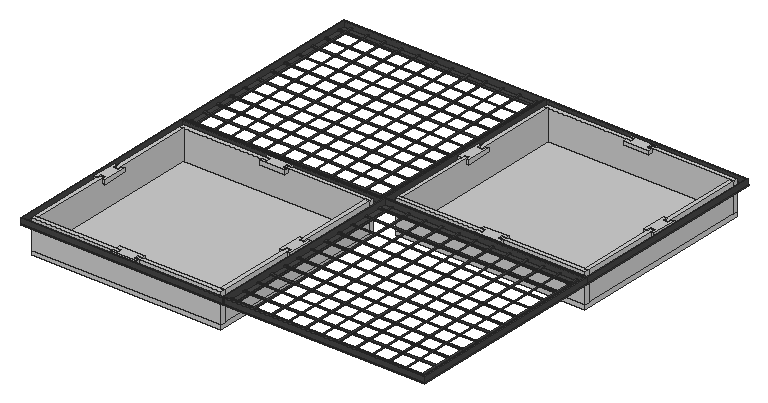
Revit family "CLD-FAB-001_RFA", category Modelos genéricos, Revit 2022
Family settings
  Puede alojar armadura = No
  Cota de conector redondo = Diámetro de uso
  Tipo de pieza = Normal
  Se basa en plano de trabajo = No
  Siempre vertical = Sí
  Corte con vacíos al cargar = No
  Mantener orientación de anotación = No
  Compartido = No
  Punto de cálculo de habitación = No
Parameters
  Elevación por defecto = 0.00"
Reference planes (in)
  plane 1 "Centro (Frontal/Posterior)": y = 0
  plane 2: z = 0
  plane 3 "Centro (Izquierda/Derecha)": x = 0
Forms (in)
  Extrusion 1, solid, not visible
    sketch origin (0, 0, 0) x (1, 0, 0) y (0, 1, 0)
      loop
        line (0, 2.25) -> (0, 0) -> (108, 0) -> (108, 2.25) -> (0, 2.25)
    from 0 to 8
  Extrusion 2, solid, not visible
    sketch origin (0, 0, 0) x (1, 0, 0) y (0, 1, 0)
      loop
        line (0, 2.25) -> (0, 0) -> (108, 0) -> (108, 2.25) -> (0, 2.25)
    from 0 to 8
  Extrusion 3, solid, not visible
    sketch origin (0, 8, 0) x (1, 0, 0) y (0, 1, 0)
      loop
        line (0, 2.25) -> (0, 0) -> (108, 0) -> (108, 2.25) -> (0, 2.25)
    from 0 to 8
  Extrusion 4, solid, not visible
    sketch origin (0, 16, 0) x (1, 0, 0) y (0, 1, 0)
      loop
        line (0, 2.25) -> (0, 0) -> (108, 0) -> (108, 2.25) -> (0, 2.25)
    from 0 to 8
  Extrusion 5, solid, not visible
    sketch origin (0, 24, 0) x (1, 0, 0) y (0, 1, 0)
      loop
        line (0, 2.25) -> (0, 0) -> (108, 0) -> (108, 2.25) -> (0, 2.25)
    from 0 to 8
  Extrusion 6, solid, not visible
    sketch origin (0, 32, 0) x (1, 0, 0) y (0, 1, 0)
      loop
        line (0, 2.25) -> (0, 0) -> (108, 0) -> (108, 2.25) -> (0, 2.25)
    from 0 to 8
  Extrusion 7, solid, not visible
    sketch origin (0, 40, 0) x (1, 0, 0) y (0, 1, 0)
      loop
        line (0, 2.25) -> (0, 0) -> (108, 0) -> (108, 2.25) -> (0, 2.25)
    from 0 to 8
  Extrusion 8, solid, not visible
    sketch origin (0, 48, 0) x (1, 0, 0) y (0, 1, 0)
      loop
        line (0, 2.25) -> (0, 0) -> (108, 0) -> (108, 2.25) -> (0, 2.25)
    from 0 to 8
  Extrusion 9, solid, not visible
    sketch origin (0, 56, 0) x (1, 0, 0) y (0, 1, 0)
      loop
        line (0, 2.25) -> (0, 0) -> (108, 0) -> (108, 2.25) -> (0, 2.25)
    from 0 to 8
  Extrusion 10, solid, not visible
    sketch origin (0, 64, 0) x (1, 0, 0) y (0, 1, 0)
      loop
        line (0, 2.25) -> (0, 0) -> (108, 0) -> (108, 2.25) -> (0, 2.25)
    from 0 to 8
  Extrusion 11, solid, not visible
    sketch origin (0, 72, 0) x (1, 0, 0) y (0, 1, 0)
      loop
        line (0, 2.25) -> (0, 0) -> (108, 0) -> (108, 2.25) -> (0, 2.25)
    from 0 to 8
  Extrusion 12, solid, not visible
    sketch origin (0, 80, 0) x (1, 0, 0) y (0, 1, 0)
      loop
        line (0, 2.25) -> (0, 0) -> (108, 0) -> (108, 2.25) -> (0, 2.25)
    from 0 to 8
  Extrusion 13, solid, not visible
    sketch origin (0, 88, 0) x (1, 0, 0) y (0, 1, 0)
      loop
        line (0, 2.25) -> (0, 0) -> (108, 0) -> (108, 2.25) -> (0, 2.25)
    from 0 to 8
  Extrusion 14, solid, not visible
    sketch origin (0, 96, 0) x (1, 0, 0) y (0, 1, 0)
      loop
        line (0, 2.25) -> (0, 0) -> (108, 0) -> (108, 2.25) -> (0, 2.25)
    from 0 to 8
  Extrusion 15, solid, not visible
    sketch origin (0, 104, 0) x (1, 0, 0) y (0, 1, 0)
      loop
        line (0, 2.25) -> (0, 0) -> (108, 0) -> (108, 2.25) -> (0, 2.25)
    from 0 to 8
  Extrusion 16, solid, not visible
    sketch origin (0, 112, 0) x (1, 0, 0) y (0, 1, 0)
      loop
        line (0, 2.25) -> (0, 0) -> (108, 0) -> (108, 2.25) -> (0, 2.25)
    from 0 to 8
  Extrusion 17, solid, not visible
    sketch origin (0, 120, 0) x (1, 0, 0) y (0, 1, 0)
      loop
        line (0, 2.25) -> (0, 0) -> (108, 0) -> (108, 2.25) -> (0, 2.25)
    from 0 to 8
  Extrusion 18, solid, not visible
    sketch origin (0, 128, 0) x (1, 0, 0) y (0, 1, 0)
      loop
        line (0, 2.25) -> (0, 0) -> (108, 0) -> (108, 2.25) -> (0, 2.25)
    from 0 to 8
  Extrusion 19, solid, not visible
    sketch origin (0, 136, 0) x (1, 0, 0) y (0, 1, 0)
      loop
        line (0, 2.25) -> (0, 0) -> (108, 0) -> (108, 2.25) -> (0, 2.25)
    from 0 to 8
  Extrusion 20, solid, not visible
    sketch origin (0, 144, 0) x (1, 0, 0) y (0, 1, 0)
      loop
        line (0, 2.25) -> (0, 0) -> (108, 0) -> (108, 2.25) -> (0, 2.25)
    from 0 to 8
  Extrusion 21, solid, not visible
    sketch origin (0, 152, 0) x (1, 0, 0) y (0, 1, 0)
      loop
        line (0, 2.25) -> (0, 0) -> (108, 0) -> (108, 2.25) -> (0, 2.25)
    from 0 to 8
  Extrusion 22, solid, not visible
    sketch origin (109, 0, 0) x (1, 0, 0) y (0, 1, 0)
      loop
        line (0, 2.25) -> (0, 0) -> (108, 0) -> (108, 2.25) -> (0, 2.25)
    from 0 to 8
  Extrusion 23, solid, not visible
    sketch origin (109, 8, 0) x (1, 0, 0) y (0, 1, 0)
      loop
        line (0, 2.25) -> (0, 0) -> (108, 0) -> (108, 2.25) -> (0, 2.25)
    from 0 to 8
  Extrusion 24, solid, not visible
    sketch origin (109, 16, 0) x (1, 0, 0) y (0, 1, 0)
      loop
        line (0, 2.25) -> (0, 0) -> (108, 0) -> (108, 2.25) -> (0, 2.25)
    from 0 to 8
  Extrusion 25, solid, not visible
    sketch origin (109, 24, 0) x (1, 0, 0) y (0, 1, 0)
      loop
        line (0, 2.25) -> (0, 0) -> (108, 0) -> (108, 2.25) -> (0, 2.25)
    from 0 to 8
  Extrusion 26, solid, not visible
    sketch origin (109, 32, 0) x (1, 0, 0) y (0, 1, 0)
      loop
        line (0, 2.25) -> (0, 0) -> (108, 0) -> (108, 2.25) -> (0, 2.25)
    from 0 to 8
  Extrusion 27, solid, not visible
    sketch origin (109, 40, 0) x (1, 0, 0) y (0, 1, 0)
      loop
        line (0, 2.25) -> (0, 0) -> (108, 0) -> (108, 2.25) -> (0, 2.25)
    from 0 to 8
  Extrusion 28, solid, not visible
    sketch origin (109, 48, 0) x (1, 0, 0) y (0, 1, 0)
      loop
        line (0, 2.25) -> (0, 0) -> (108, 0) -> (108, 2.25) -> (0, 2.25)
    from 0 to 8
  Extrusion 29, solid, not visible
    sketch origin (109, 56, 0) x (1, 0, 0) y (0, 1, 0)
      loop
        line (0, 2.25) -> (0, 0) -> (108, 0) -> (108, 2.25) -> (0, 2.25)
    from 0 to 8
  Extrusion 30, solid, not visible
    sketch origin (109, 64, 0) x (1, 0, 0) y (0, 1, 0)
      loop
        line (0, 2.25) -> (0, 0) -> (108, 0) -> (108, 2.25) -> (0, 2.25)
    from 0 to 8
  Extrusion 31, solid, not visible
    sketch origin (109, 72, 0) x (1, 0, 0) y (0, 1, 0)
      loop
        line (0, 2.25) -> (0, 0) -> (108, 0) -> (108, 2.25) -> (0, 2.25)
    from 0 to 8
  Extrusion 32, solid, not visible
    sketch origin (109, 80, 0) x (1, 0, 0) y (0, 1, 0)
      loop
        line (0, 2.25) -> (0, 0) -> (108, 0) -> (108, 2.25) -> (0, 2.25)
    from 0 to 8
  Extrusion 33, solid, not visible
    sketch origin (109, 88, 0) x (1, 0, 0) y (0, 1, 0)
      loop
        line (0, 2.25) -> (0, 0) -> (108, 0) -> (108, 2.25) -> (0, 2.25)
    from 0 to 8
  Extrusion 34, solid, not visible
    sketch origin (109, 96, 0) x (1, 0, 0) y (0, 1, 0)
      loop
        line (0, 2.25) -> (0, 0) -> (108, 0) -> (108, 2.25) -> (0, 2.25)
    from 0 to 8
  Extrusion 35, solid, not visible
    sketch origin (109, 104, 0) x (1, 0, 0) y (0, 1, 0)
      loop
        line (0, 2.25) -> (0, 0) -> (108, 0) -> (108, 2.25) -> (0, 2.25)
    from 0 to 8
  Extrusion 36, solid, not visible
    sketch origin (109, 112, 0) x (1, 0, 0) y (0, 1, 0)
      loop
        line (0, 2.25) -> (0, 0) -> (108, 0) -> (108, 2.25) -> (0, 2.25)
    from 0 to 8
  Extrusion 37, solid, not visible
    sketch origin (109, 120, 0) x (1, 0, 0) y (0, 1, 0)
      loop
        line (0, 2.25) -> (0, 0) -> (108, 0) -> (108, 2.25) -> (0, 2.25)
    from 0 to 8
  Extrusion 38, solid, not visible
    sketch origin (109, 128, 0) x (1, 0, 0) y (0, 1, 0)
      loop
        line (0, 2.25) -> (0, 0) -> (108, 0) -> (108, 2.25) -> (0, 2.25)
    from 0 to 8
  Extrusion 39, solid, not visible
    sketch origin (109, 136, 0) x (1, 0, 0) y (0, 1, 0)
      loop
        line (0, 2.25) -> (0, 0) -> (108, 0) -> (108, 2.25) -> (0, 2.25)
    from 0 to 8
  Extrusion 40, solid, not visible
    sketch origin (109, 144, 0) x (1, 0, 0) y (0, 1, 0)
      loop
        line (0, 2.25) -> (0, 0) -> (108, 0) -> (108, 2.25) -> (0, 2.25)
    from 0 to 8
  Extrusion 41, solid, not visible
    sketch origin (109, 152, 0) x (1, 0, 0) y (0, 1, 0)
      loop
        line (0, 2.25) -> (0, 0) -> (108, 0) -> (108, 2.25) -> (0, 2.25)
    from 0 to 8
  Extrusion 42, solid, not visible
    sketch origin (-108, 0, 0) x (1, 0, 0) y (0, 1, 0)
      loop
        line (0, 2.25) -> (0, 0) -> (108, 0) -> (108, 2.25) -> (0, 2.25)
    from 0 to 8
  Extrusion 43, solid, not visible
    sketch origin (-108, 8, 0) x (1, 0, 0) y (0, 1, 0)
      loop
        line (0, 2.25) -> (0, 0) -> (108, 0) -> (108, 2.25) -> (0, 2.25)
    from 0 to 8
  Extrusion 44, solid, not visible
    sketch origin (-108, 16, 0) x (1, 0, 0) y (0, 1, 0)
      loop
        line (0, 2.25) -> (0, 0) -> (108, 0) -> (108, 2.25) -> (0, 2.25)
    from 0 to 8
  Extrusion 45, solid, not visible
    sketch origin (-108, 24, 0) x (1, 0, 0) y (0, 1, 0)
      loop
        line (0, 2.25) -> (0, 0) -> (108, 0) -> (108, 2.25) -> (0, 2.25)
    from 0 to 8
  Extrusion 46, solid, not visible
    sketch origin (-108, 32, 0) x (1, 0, 0) y (0, 1, 0)
      loop
        line (0, 2.25) -> (0, 0) -> (108, 0) -> (108, 2.25) -> (0, 2.25)
    from 0 to 8
  Extrusion 47, solid, not visible
    sketch origin (-108, 40, 0) x (1, 0, 0) y (0, 1, 0)
      loop
        line (0, 2.25) -> (0, 0) -> (108, 0) -> (108, 2.25) -> (0, 2.25)
    from 0 to 8
  Extrusion 48, solid, not visible
    sketch origin (1, 0, 0) x (1, 0, 0) y (0, 1, 0)
      loop
        line (0, 2.25) -> (0, 0) -> (108, 0) -> (108, 2.25) -> (0, 2.25)
    from 0 to 8
  Extrusion 49, solid, not visible
    sketch origin (1, 8, 0) x (1, 0, 0) y (0, 1, 0)
      loop
        line (0, 2.25) -> (0, 0) -> (108, 0) -> (108, 2.25) -> (0, 2.25)
    from 0 to 8
  Extrusion 50, solid, not visible
    sketch origin (1, 16, 0) x (1, 0, 0) y (0, 1, 0)
      loop
        line (0, 2.25) -> (0, 0) -> (108, 0) -> (108, 2.25) -> (0, 2.25)
    from 0 to 8
  Extrusion 51, solid, not visible
    sketch origin (1, 24, 0) x (1, 0, 0) y (0, 1, 0)
      loop
        line (0, 2.25) -> (0, 0) -> (108, 0) -> (108, 2.25) -> (0, 2.25)
    from 0 to 8
  Extrusion 52, solid, not visible
    sketch origin (1, 32, 0) x (1, 0, 0) y (0, 1, 0)
      loop
        line (0, 2.25) -> (0, 0) -> (108, 0) -> (108, 2.25) -> (0, 2.25)
    from 0 to 8
  Extrusion 53, solid, not visible
    sketch origin (1, 40, 0) x (1, 0, 0) y (0, 1, 0)
      loop
        line (0, 2.25) -> (0, 0) -> (108, 0) -> (108, 2.25) -> (0, 2.25)
    from 0 to 8
  Extrusion 54, solid, not visible
    sketch origin (-108, 48, 0) x (1, 0, 0) y (0, 1, 0)
      loop
        line (0, 2.25) -> (0, 0) -> (108, 0) -> (108, 2.25) -> (0, 2.25)
    from 0 to 8
  Extrusion 55, solid, not visible
    sketch origin (-108, 56, 0) x (1, 0, 0) y (0, 1, 0)
      loop
        line (0, 2.25) -> (0, 0) -> (108, 0) -> (108, 2.25) -> (0, 2.25)
    from 0 to 8
  Extrusion 56, solid, not visible
    sketch origin (-108, 64, 0) x (1, 0, 0) y (0, 1, 0)
      loop
        line (0, 2.25) -> (0, 0) -> (108, 0) -> (108, 2.25) -> (0, 2.25)
    from 0 to 8
  Extrusion 57, solid, not visible
    sketch origin (-108, 72, 0) x (1, 0, 0) y (0, 1, 0)
      loop
        line (0, 2.25) -> (0, 0) -> (108, 0) -> (108, 2.25) -> (0, 2.25)
    from 0 to 8
  Extrusion 58, solid, not visible
    sketch origin (-108, 80, 0) x (1, 0, 0) y (0, 1, 0)
      loop
        line (0, 2.25) -> (0, 0) -> (108, 0) -> (108, 2.25) -> (0, 2.25)
    from 0 to 8
  Extrusion 59, solid, not visible
    sketch origin (1, 48, 0) x (1, 0, 0) y (0, 1, 0)
      loop
        line (0, 2.25) -> (0, 0) -> (108, 0) -> (108, 2.25) -> (0, 2.25)
    from 0 to 8
  Extrusion 60, solid, not visible
    sketch origin (1, 56, 0) x (1, 0, 0) y (0, 1, 0)
      loop
        line (0, 2.25) -> (0, 0) -> (108, 0) -> (108, 2.25) -> (0, 2.25)
    from 0 to 8
  Extrusion 61, solid, not visible
    sketch origin (1, 64, 0) x (1, 0, 0) y (0, 1, 0)
      loop
        line (0, 2.25) -> (0, 0) -> (108, 0) -> (108, 2.25) -> (0, 2.25)
    from 0 to 8
  Extrusion 62, solid, not visible
    sketch origin (1, 72, 0) x (1, 0, 0) y (0, 1, 0)
      loop
        line (0, 2.25) -> (0, 0) -> (108, 0) -> (108, 2.25) -> (0, 2.25)
    from 0 to 8
  Extrusion 63, solid, not visible
    sketch origin (1, 80, 0) x (1, 0, 0) y (0, 1, 0)
      loop
        line (0, 2.25) -> (0, 0) -> (108, 0) -> (108, 2.25) -> (0, 2.25)
    from 0 to 8
  Extrusion 64, solid, not visible
    sketch origin (-108, 88, 0) x (1, 0, 0) y (0, 1, 0)
      loop
        line (0, 2.25) -> (0, 0) -> (108, 0) -> (108, 2.25) -> (0, 2.25)
    from 0 to 8
  Extrusion 65, solid, not visible
    sketch origin (-108, 96, 0) x (1, 0, 0) y (0, 1, 0)
      loop
        line (0, 2.25) -> (0, 0) -> (108, 0) -> (108, 2.25) -> (0, 2.25)
    from 0 to 8
  Extrusion 66, solid, not visible
    sketch origin (-108, 104, 0) x (1, 0, 0) y (0, 1, 0)
      loop
        line (0, 2.25) -> (0, 0) -> (108, 0) -> (108, 2.25) -> (0, 2.25)
    from 0 to 8
  Extrusion 67, solid, not visible
    sketch origin (-108, 112, 0) x (1, 0, 0) y (0, 1, 0)
      loop
        line (0, 2.25) -> (0, 0) -> (108, 0) -> (108, 2.25) -> (0, 2.25)
    from 0 to 8
  Extrusion 68, solid, not visible
    sketch origin (-108, 120, 0) x (1, 0, 0) y (0, 1, 0)
      loop
        line (0, 2.25) -> (0, 0) -> (108, 0) -> (108, 2.25) -> (0, 2.25)
    from 0 to 8
  Extrusion 69, solid, not visible
    sketch origin (1, 88, 0) x (1, 0, 0) y (0, 1, 0)
      loop
        line (0, 2.25) -> (0, 0) -> (108, 0) -> (108, 2.25) -> (0, 2.25)
    from 0 to 8
  Extrusion 70, solid, not visible
    sketch origin (1, 96, 0) x (1, 0, 0) y (0, 1, 0)
      loop
        line (0, 2.25) -> (0, 0) -> (108, 0) -> (108, 2.25) -> (0, 2.25)
    from 0 to 8
  Extrusion 71, solid, not visible
    sketch origin (1, 104, 0) x (1, 0, 0) y (0, 1, 0)
      loop
        line (0, 2.25) -> (0, 0) -> (108, 0) -> (108, 2.25) -> (0, 2.25)
    from 0 to 8
  Extrusion 72, solid, not visible
    sketch origin (1, 112, 0) x (1, 0, 0) y (0, 1, 0)
      loop
        line (0, 2.25) -> (0, 0) -> (108, 0) -> (108, 2.25) -> (0, 2.25)
    from 0 to 8
  Extrusion 73, solid, not visible
    sketch origin (1, 120, 0) x (1, 0, 0) y (0, 1, 0)
      loop
        line (0, 2.25) -> (0, 0) -> (108, 0) -> (108, 2.25) -> (0, 2.25)
    from 0 to 8
  Extrusion 74, solid, not visible
    sketch origin (-108, 128, 0) x (1, 0, 0) y (0, 1, 0)
      loop
        line (0, 2.25) -> (0, 0) -> (108, 0) -> (108, 2.25) -> (0, 2.25)
    from 0 to 8
  Extrusion 75, solid, not visible
    sketch origin (-108, 136, 0) x (1, 0, 0) y (0, 1, 0)
      loop
        line (0, 2.25) -> (0, 0) -> (108, 0) -> (108, 2.25) -> (0, 2.25)
    from 0 to 8
  Extrusion 76, solid, not visible
    sketch origin (-108, 144, 0) x (1, 0, 0) y (0, 1, 0)
      loop
        line (0, 2.25) -> (0, 0) -> (108, 0) -> (108, 2.25) -> (0, 2.25)
    from 0 to 8
  Extrusion 77, solid, not visible
    sketch origin (-108, 152, 0) x (1, 0, 0) y (0, 1, 0)
      loop
        line (0, 2.25) -> (0, 0) -> (108, 0) -> (108, 2.25) -> (0, 2.25)
    from 0 to 8
  Extrusion 78, solid, not visible
    sketch origin (-108, 160, 0) x (1, 0, 0) y (0, 1, 0)
      loop
        line (0, 2.25) -> (0, 0) -> (108, 0) -> (108, 2.25) -> (0, 2.25)
    from 0 to 8
  Extrusion 79, solid, not visible
    sketch origin (1, 128, 0) x (1, 0, 0) y (0, 1, 0)
      loop
        line (0, 2.25) -> (0, 0) -> (108, 0) -> (108, 2.25) -> (0, 2.25)
    from 0 to 8
  Extrusion 80, solid, not visible
    sketch origin (1, 136, 0) x (1, 0, 0) y (0, 1, 0)
      loop
        line (0, 2.25) -> (0, 0) -> (108, 0) -> (108, 2.25) -> (0, 2.25)
    from 0 to 8
  Extrusion 81, solid, not visible
    sketch origin (1, 144, 0) x (1, 0, 0) y (0, 1, 0)
      loop
        line (0, 2.25) -> (0, 0) -> (108, 0) -> (108, 2.25) -> (0, 2.25)
    from 0 to 8
  Extrusion 82, solid, not visible
    sketch origin (1, 152, 0) x (1, 0, 0) y (0, 1, 0)
      loop
        line (0, 2.25) -> (0, 0) -> (108, 0) -> (108, 2.25) -> (0, 2.25)
    from 0 to 8
  Extrusion 83, solid, not visible
    sketch origin (1, 160, 0) x (1, 0, 0) y (0, 1, 0)
      loop
        line (0, 2.25) -> (0, 0) -> (108, 0) -> (108, 2.25) -> (0, 2.25)
    from 0 to 8
  Extrusion 84, solid, not visible
    sketch origin (0, 0, 0) x (1, 0, 0) y (0, 1, 0)
      loop
        line (0, 3) -> (0, 0) -> (108, 0) -> (108, 3) -> (0, 3)
    from 0 to 8
  Extrusion 85, void, not visible
    sketch origin (0, 0, 0) x (1, 0, 0) y (0, 1, 0)
      loop
        line (6, 2) -> (6, 1) -> (66, 1) -> (66, 2) -> (6, 2)
    from 0 to 1.03
  Extrusion 86, solid, not visible
    sketch origin (0, 0, 0) x (1, 0, 0) y (0, 1, 0)
      loop
        line (0, 3) -> (0, 0) -> (108, 0) -> (108, 3) -> (0, 3)
    from 0 to 8
  Extrusion 87, void, not visible
    sketch origin (0, 0, 0) x (1, 0, 0) y (0, 1, 0)
      loop
        line (6, 2) -> (6, 1) -> (66, 1) -> (66, 2) -> (6, 2)
    from 0 to 1.03
  Extrusion 88, solid, not visible
    sketch origin (0, 0, 0) x (1, 0, 0) y (0, 1, 0)
      loop
        line (6, 2) -> (6, 1) -> (66, 1) -> (66, 2) -> (6, 2)
    from 0 to 1.03
  Extrusion 89, solid, not visible
    sketch origin (0, 32, 0) x (1, 0, 0) y (0, 1, 0)
      loop
        line (0, 3) -> (0, 0) -> (108, 0) -> (108, 3) -> (0, 3)
    from 0 to 8
  Extrusion 90, void, not visible
    sketch origin (0, 32, 0) x (1, 0, 0) y (0, 1, 0)
      loop
        line (6, 2) -> (6, 1) -> (102, 1) -> (102, 2) -> (6, 2)
    from 0 to 1.03
  Extrusion 91, solid, not visible
    sketch origin (8.95842, -18.67436, 0) x (1, 0, 0) y (0, 1, 0)
      loop
        line (-8.48642, 97.64679) -> (-8.48642, 97.17436) -> (98.56914, 97.17436) -> (98.56914, 97.64679) -> (-8.48642, 97.64679)
    from 0.59055 to 8
  Extrusion 92, solid, not visible
    sketch origin (8.95842, -16.6468, 0) x (1, 0, 0) y (0, 1, 0)
      loop
        line (-8.48642, 97.64679) -> (-8.48642, 97.17436) -> (98.56914, 97.17436) -> (98.56914, 97.64679) -> (-8.48642, 97.64679)
    from 0.59055 to 8
  Extrusion 93, solid, not visible
    sketch origin (60.46912, 110.28574, 0) x (1, 0, 0) y (0, 1, 0)
      loop
        line (45.03088, -29.28574) -> (-57.96911, -29.28574) -> (-57.96911, -31.78574) -> (45.03088, -31.78574) -> (45.03088, -29.28574)
      loop
        line (23.78088, -31.03574) -> (41.78088, -31.03574) -> (41.78088, -30.03574) -> (23.78088, -30.03574) -> (23.78088, -31.03574)
      loop
        line (-54.71912, -31.03574) -> (-36.71912, -31.03574) -> (-36.71912, -30.03574) -> (-54.71912, -30.03574) -> (-54.71912, -31.03574)
    from 0 to 0.59055
  Extrusion 94, solid, not visible
    sketch origin (108, 51.5, 0) x (0, 1, 0) y (-1, 0, 0)
      loop
        line (27.75, 102.25) -> (27.75, 84.25) -> (28.75, 84.25) -> (28.75, 102.25) -> (27.75, 102.25)
    from 0 to 1
  Extrusion 95, solid, not visible
    sketch origin (186.5, 51.5, 0) x (0, 1, 0) y (-1, 0, 0)
      loop
        line (27.75, 102.25) -> (27.75, 84.25) -> (28.75, 84.25) -> (28.75, 102.25) -> (27.75, 102.25)
    from 0 to 1
  Extrusion 96, solid, not visible
    sketch origin (8.95842, -44.42438, 0) x (1, 0, 0) y (0, 1, 0)
      loop
        line (-8.48642, 97.64679) -> (-8.48642, 97.17436) -> (98.56914, 97.17436) -> (98.56914, 97.64679) -> (-8.48642, 97.64679)
    from 0.59055 to 8
  Extrusion 97, solid, not visible
    sketch origin (8.95842, -42.39682, 0) x (1, 0, 0) y (0, 1, 0)
      loop
        line (-8.48642, 97.64679) -> (-8.48642, 97.17436) -> (98.56914, 97.17436) -> (98.56914, 97.64679) -> (-8.48642, 97.64679)
    from 0.59055 to 8
  Extrusion 98, solid, not visible
    sketch origin (60.46912, 84.53571, 0) x (1, 0, 0) y (0, 1, 0)
      loop
        line (45.03088, -29.28574) -> (-57.96911, -29.28574) -> (-57.96911, -31.78574) -> (45.03088, -31.78574) -> (45.03088, -29.28574)
      loop
        line (-28.96912, -31.03574) -> (-10.96912, -31.03574) -> (-10.96912, -30.03574) -> (-28.96912, -30.03574) -> (-28.96912, -31.03574)
      loop
        line (-3.21912, -31.03571) -> (14.78088, -31.03571) -> (14.78088, -30.03571) -> (-3.21912, -30.03571) -> (-3.21912, -31.03571)
    from 0 to 0.59055
  Extrusion 99, solid, not visible
    sketch origin (133.74998, 25.74998, 0) x (0, 1, 0) y (-1, 0, 0)
      loop
        line (27.75, 102.25) -> (27.75, 84.25) -> (28.75, 84.25) -> (28.75, 102.25) -> (27.75, 102.25)
    from 0 to 1
  Extrusion 100, solid, not visible
    sketch origin (159.49998, 25.74998, 0) x (0, 1, 0) y (-1, 0, 0)
      loop
        line (27.75, 102.25) -> (27.75, 84.25) -> (28.75, 84.25) -> (28.75, 102.25) -> (27.75, 102.25)
    from 0 to 1
  Extrusion 101, solid, not visible
    sketch origin (8.95842, -70.17436, 0) x (1, 0, 0) y (0, 1, 0)
      loop
        line (-8.48642, 97.64679) -> (-8.48642, 97.17436) -> (98.56914, 97.17436) -> (98.56914, 97.64679) -> (-8.48642, 97.64679)
    from 0.59055 to 8
  Extrusion 102, solid, not visible
    sketch origin (8.95842, -68.1468, 0) x (1, 0, 0) y (0, 1, 0)
      loop
        line (-8.48642, 97.64679) -> (-8.48642, 97.17436) -> (98.56914, 97.17436) -> (98.56914, 97.64679) -> (-8.48642, 97.64679)
    from 0.59055 to 8
  Extrusion 103, solid, not visible
    sketch origin (60.46912, 58.78574, 0) x (1, 0, 0) y (0, 1, 0)
      loop
        line (45.03088, -29.28574) -> (-57.96911, -29.28574) -> (-57.96911, -31.78574) -> (45.03088, -31.78574) -> (45.03088, -29.28574)
      loop
        line (23.78088, -31.03574) -> (41.78088, -31.03574) -> (41.78088, -30.03574) -> (23.78088, -30.03574) -> (23.78088, -31.03574)
      loop
        line (-54.71912, -31.03574) -> (-36.71912, -31.03574) -> (-36.71912, -30.03574) -> (-54.71912, -30.03574) -> (-54.71912, -31.03574)
    from 0 to 0.59055
  Extrusion 104, solid, not visible
    sketch origin (108, 0, 0) x (0, 1, 0) y (-1, 0, 0)
      loop
        line (27.75, 102.25) -> (27.75, 84.25) -> (28.75, 84.25) -> (28.75, 102.25) -> (27.75, 102.25)
    from 0 to 1
  Extrusion 105, solid, not visible
    sketch origin (186.5, 0, 0) x (0, 1, 0) y (-1, 0, 0)
      loop
        line (27.75, 102.25) -> (27.75, 84.25) -> (28.75, 84.25) -> (28.75, 102.25) -> (27.75, 102.25)
    from 0 to 1
  Extrusion 106, solid, not visible
    sketch origin (-70.17436, 99.04114, 0) x (0, -1, 0) y (1, 0, 0)
      loop
        line (-8.48642, 97.64679) -> (-8.48642, 97.17436) -> (98.56914, 97.17436) -> (98.56914, 97.64679) -> (-8.48642, 97.64679)
    from 0.59055 to 8
  Extrusion 107, solid, not visible
    sketch origin (-68.1468, 99.04114, 0) x (0, -1, 0) y (1, 0, 0)
      loop
        line (-8.48642, 97.64679) -> (-8.48642, 97.17436) -> (98.56914, 97.17436) -> (98.56914, 97.64679) -> (-8.48642, 97.64679)
    from 0.59055 to 8
  Extrusion 108, solid, not visible
    sketch origin (-2.28571, 86.21912, 0) x (0, 1, 0) y (-1, 0, 0)
      loop
        line (19.28088, -29.28574) -> (-83.71912, -29.28574) -> (-83.71912, -31.78574) -> (19.28088, -31.78574) -> (19.28088, -29.28574)
      loop
        line (16.03088, -31.03571) -> (16.03088, -30.03571) -> (-1.96912, -30.03571) -> (-1.96912, -31.03571) -> (16.03088, -31.03571)
      loop
        line (-62.46912, -31.03571) -> (-62.46912, -30.03571) -> (-80.46912, -30.03571) -> (-80.46912, -31.03571) -> (-62.46912, -31.03571)
    from 0 to 0.59055
  Extrusion 109, solid, not visible
    sketch origin (0, 0, 0) x (1, 0, 0) y (0, 1, 0)
      loop
        line (27.75, 102.25) -> (27.75, 84.25) -> (28.75, 84.25) -> (28.75, 102.25) -> (27.75, 102.25)
    from 0 to 1
  Extrusion 110, solid, not visible
    sketch origin (0, -78.5, 0) x (1, 0, 0) y (0, 1, 0)
      loop
        line (27.75, 102.25) -> (27.75, 84.25) -> (28.75, 84.25) -> (28.75, 102.25) -> (27.75, 102.25)
    from 0 to 1
  Extrusion 111, solid, not visible
    sketch origin (-44.89438, 99.04114, 0) x (0, -1, 0) y (1, 0, 0)
      loop
        line (-8.48642, 97.64679) -> (-8.48642, 97.17436) -> (98.56914, 97.17436) -> (98.56914, 97.64679) -> (-8.48642, 97.64679)
    from 0.59055 to 8
  Extrusion 112, solid, not visible
    sketch origin (-42.39682, 99.04114, 0) x (0, -1, 0) y (1, 0, 0)
      loop
        line (-8.48642, 97.64679) -> (-8.48642, 97.17436) -> (98.56914, 97.17436) -> (98.56914, 97.64679) -> (-8.48642, 97.64679)
    from 0.59055 to 8
  Extrusion 113, solid, not visible
    sketch origin (23.46427, 86.21912, 0) x (0, 1, 0) y (-1, 0, 0)
      loop
        line (19.28088, -28.81571) -> (-83.71912, -28.81571) -> (-83.71912, -31.78574) -> (19.28088, -31.78574) -> (19.28088, -28.81571)
      loop
        line (-28.96912, -29.78573) -> (-28.96912, -30.78571) -> (-10.96912, -30.78571) -> (-10.96912, -29.78573) -> (-28.96912, -29.78573)
      loop
        line (-54.71914, -29.78573) -> (-54.71914, -30.78573) -> (-36.71914, -30.78573) -> (-36.71914, -29.78573) -> (-54.71914, -29.78573)
    from 0 to 0.59055
  Extrusion 114, solid, not visible
    sketch origin (25.74998, -27, 0) x (1, 0, 0) y (0, 1, 0)
      loop
        line (27.50002, 102.25) -> (27.50002, 84.25) -> (28.5, 84.25) -> (28.5, 102.25) -> (27.50002, 102.25)
    from 0 to 1
  Extrusion 115, solid, not visible
    sketch origin (25.74998, -52.75002, 0) x (1, 0, 0) y (0, 1, 0)
      loop
        line (27.50002, 102.25) -> (27.50002, 84.25) -> (28.50002, 84.25) -> (28.50002, 102.25) -> (27.50002, 102.25)
    from 0 to 1
  Extrusion 116, solid, not visible
    sketch origin (-18.67436, 99.04114, 0) x (0, -1, 0) y (1, 0, 0)
      loop
        line (-8.48642, 97.64679) -> (-8.48642, 97.17436) -> (98.56914, 97.17436) -> (98.56914, 97.64679) -> (-8.48642, 97.64679)
    from 0.59055 to 8
  Extrusion 117, solid, not visible
    sketch origin (-16.6468, 99.04114, 0) x (0, -1, 0) y (1, 0, 0)
      loop
        line (-8.48642, 97.64679) -> (-8.48642, 97.17436) -> (98.56914, 97.17436) -> (98.56914, 97.64679) -> (-8.48642, 97.64679)
    from 0.59055 to 8
  Extrusion 118, solid, not visible
    sketch origin (49.21426, 86.21912, 0) x (0, 1, 0) y (-1, 0, 0)
      loop
        line (19.28088, -29.28574) -> (-83.71912, -29.28574) -> (-83.71912, -31.78574) -> (19.28088, -31.78574) -> (19.28088, -29.28574)
      loop
        line (16.03088, -31.03571) -> (16.03088, -30.03571) -> (-1.96912, -30.03571) -> (-1.96912, -31.03571) -> (16.03088, -31.03571)
      loop
        line (-62.46912, -31.03571) -> (-62.46912, -30.03571) -> (-80.46912, -30.03571) -> (-80.46912, -31.03571) -> (-62.46912, -31.03571)
    from 0 to 0.59055
  Extrusion 119, solid, not visible
    sketch origin (51.49997, 0, 0) x (1, 0, 0) y (0, 1, 0)
      loop
        line (27.75, 102.25) -> (27.75, 84.25) -> (28.75, 84.25) -> (28.75, 102.25) -> (27.75, 102.25)
    from 0 to 1
  Extrusion 120, solid, not visible
    sketch origin (51.49997, -78.5, 0) x (1, 0, 0) y (0, 1, 0)
      loop
        line (27.75, 102.25) -> (27.75, 84.25) -> (28.75, 84.25) -> (28.75, 102.25) -> (27.75, 102.25)
    from 0 to 1
  Extrusion 121, solid, not visible
    sketch origin (10.23509, 91.82771, 0) x (0, -1, 0) y (1, 0, 0)
      loop
        line (-16.17229, 97.76491) -> (-15.69986, 97.29248) -> (91.35527, 97.29248) -> (91.82771, 97.76491) -> (-16.17229, 97.76491)
    from 0.59055 to 8
  Extrusion 122, solid, not visible
    sketch origin (137.28574, 61.88413, 0) x (0, 1, 0) y (-1, 0, 0)
      loop
        line (46.11587, 29.28574) -> (43.61587, 31.78574) -> (-59.38412, 31.78574) -> (-61.88412, 29.28574) -> (46.11587, 29.28574)
    from 0 to 0.59055
  Extrusion 123, solid, not visible
    sketch origin (8.20754, 91.82771, 0) x (0, -1, 0) y (1, 0, 0)
      loop
        line (-14.14474, 97.76491) -> (-13.67231, 97.29248) -> (89.32772, 97.29248) -> (89.80016, 97.76491) -> (-14.14474, 97.76491)
    from 0.59055 to 8.22418
  Extrusion 124, solid, not visible
    sketch origin (18.95842, 10.23509, 0) x (1, 0, 0) y (0, 1, 0)
      loop
        line (-18.95842, 97.76491) -> (-18.48598, 97.29247) -> (88.56914, 97.29247) -> (89.04158, 97.76491) -> (-18.95842, 97.76491)
    from 0.59055 to 8
  Extrusion 125, solid, not visible
    sketch origin (61.88413, 137.28574, 0) x (1, 0, 0) y (0, 1, 0)
      loop
        line (46.11587, -29.28574) -> (-61.88412, -29.28574) -> (-59.38412, -31.78574) -> (43.61587, -31.78574) -> (46.11587, -29.28574)
    from 0 to 0.59055
  Extrusion 126, solid, not visible
    sketch origin (18.95842, 8.20753, 0) x (1, 0, 0) y (0, 1, 0)
      loop
        line (-16.93086, 97.76491) -> (-16.45842, 97.29247) -> (86.54158, 97.29247) -> (87.01402, 97.76491) -> (-16.93086, 97.76491)
    from 0.59055 to 8
  Extrusion 127, solid, not visible
    sketch origin (-101.24865, 87.31603, 0) x (0, -1, 0) y (1, 0, 0)
      loop
        line (-20.21152, 101.72109) -> (-20.68397, 101.24865) -> (87.31604, 101.24865) -> (86.84359, 101.72109) -> (-20.21152, 101.72109)
    from 0.47244 to 8
  Extrusion 128, solid, not visible
    sketch origin (-29.28573, 61.88413, 0) x (0, 1, 0) y (-1, 0, 0)
      loop
        line (46.11587, -29.28574) -> (-61.88412, -29.28574) -> (-59.38412, -31.78574) -> (43.61587, -31.78574) -> (46.11587, -29.28574)
    from 0 to 0.59055
  Extrusion 129, solid, not visible
    sketch origin (-99.22109, 87.31603, 0) x (0, -1, 0) y (1, 0, 0)
      loop
        line (-18.18396, 101.72109) -> (-18.65641, 101.24865) -> (85.28848, 101.24865) -> (84.81603, 101.72109) -> (-18.18396, 101.72109)
    from 0.47244 to 8
  Extrusion 130, solid, not visible
    sketch origin (61.88413, -29.28574, 0) x (1, 0, 0) y (0, 1, 0)
      loop
        line (46.11587, 29.28574) -> (43.61587, 31.78574) -> (-59.38412, 31.78574) -> (-61.88412, 29.28574) -> (46.11587, 29.28574)
    from 0 to 0.47244
  Extrusion 131, solid, not visible
    sketch origin (8.95842, -97.17435, 0) x (1, 0, 0) y (0, 1, 0)
      loop
        line (-8.48598, 97.64679) -> (-8.95842, 97.17436) -> (99.04157, 97.17436) -> (98.56914, 97.64679) -> (-8.48598, 97.64679)
    from 0.59055 to 8
  Extrusion 132, solid, not visible
    sketch origin (8.95842, -95.14679, 0) x (1, 0, 0) y (0, 1, 0)
      loop
        line (-6.45842, 97.64679) -> (-6.93085, 97.17436) -> (97.01401, 97.17436) -> (96.54158, 97.64679) -> (-6.45842, 97.64679)
    from 0.59055 to 8
  Extrusion 133, solid, not visible
    sketch origin (61.88413, -29.28574, 0) x (1, 0, 0) y (0, 1, 0)
      loop
        line (46.11587, 29.28574) -> (43.61587, 31.78574) -> (-59.38412, 31.78574) -> (-61.88412, 29.28574) -> (46.11587, 29.28574)
    from 0 to 0.47244
  Extrusion 134, solid, not visible
    sketch origin (18.95842, 10.23509, 0) x (1, 0, 0) y (0, 1, 0)
      loop
        line (-18.95842, 97.76491) -> (-18.48598, 97.29247) -> (88.56914, 97.29247) -> (89.04158, 97.76491) -> (-18.95842, 97.76491)
    from 0.59055 to 8
  Extrusion 135, solid, not visible
    sketch origin (8.95842, -97.17435, 0) x (1, 0, 0) y (0, 1, 0)
      loop
        line (-8.48598, 97.64679) -> (-8.95842, 97.17436) -> (99.04157, 97.17436) -> (98.56914, 97.64679) -> (-8.48598, 97.64679)
    from 0.59055 to 8
  Extrusion 136, solid, not visible
    sketch origin (10.23509, 91.82771, 0) x (0, -1, 0) y (1, 0, 0)
      loop
        line (-16.17229, 97.76491) -> (-15.69986, 97.29248) -> (91.35527, 97.29248) -> (91.82771, 97.76491) -> (-16.17229, 97.76491)
    from 0.59055 to 8
  Extrusion 137, solid, not visible
    sketch origin (-101.24865, 87.31603, 0) x (0, -1, 0) y (1, 0, 0)
      loop
        line (-20.21152, 101.72109) -> (-20.68397, 101.24865) -> (87.31604, 101.24865) -> (86.84359, 101.72109) -> (-20.21152, 101.72109)
    from 0.47244 to 8
  Extrusion 138, solid, not visible
    sketch origin (61.88413, 137.28574, 0) x (1, 0, 0) y (0, 1, 0)
      loop
        line (46.11587, -29.28574) -> (-61.88412, -29.28574) -> (-59.38412, -31.78574) -> (43.61587, -31.78574) -> (46.11587, -29.28574)
    from 0 to 0.59055
  Extrusion 139, solid, not visible
    sketch origin (-29.28573, 61.88413, 0) x (0, 1, 0) y (-1, 0, 0)
      loop
        line (46.11587, -29.28574) -> (-61.88412, -29.28574) -> (-59.38412, -31.78574) -> (43.61587, -31.78574) -> (46.11587, -29.28574)
    from 0 to 0.59055
  Extrusion 140, solid, not visible
    sketch origin (137.28574, 61.88413, 0) x (0, 1, 0) y (-1, 0, 0)
      loop
        line (46.11587, 29.28574) -> (43.61587, 31.78574) -> (-59.38412, 31.78574) -> (-61.88412, 29.28574) -> (46.11587, 29.28574)
    from 0 to 0.59055
  Extrusion 141, solid, not visible
    sketch origin (8.95842, -95.14679, 0) x (1, 0, 0) y (0, 1, 0)
      loop
        line (-6.45842, 97.64679) -> (-6.93085, 97.17436) -> (97.01401, 97.17436) -> (96.54158, 97.64679) -> (-6.45842, 97.64679)
    from 0.59055 to 8
  Extrusion 142, solid, not visible
    sketch origin (-99.22109, 87.31603, 0) x (0, -1, 0) y (1, 0, 0)
      loop
        line (-18.18396, 101.72109) -> (-18.65641, 101.24865) -> (85.28848, 101.24865) -> (84.81603, 101.72109) -> (-18.18396, 101.72109)
    from 0.47244 to 8
  Extrusion 143, solid, not visible
    sketch origin (18.95842, 8.20753, 0) x (1, 0, 0) y (0, 1, 0)
      loop
        line (-16.93086, 97.76491) -> (-16.45842, 97.29247) -> (86.54158, 97.29247) -> (87.01402, 97.76491) -> (-16.93086, 97.76491)
    from 0.59055 to 8
  Extrusion 144, solid, not visible
    sketch origin (8.20754, 91.82771, 0) x (0, -1, 0) y (1, 0, 0)
      loop
        line (-14.14474, 97.76491) -> (-13.67231, 97.29248) -> (89.32772, 97.29248) -> (89.80016, 97.76491) -> (-14.14474, 97.76491)
    from 0.59055 to 8.22418
  Extrusion 145, solid, not visible
    sketch origin (8.95842, -70.17436, 0) x (1, 0, 0) y (0, 1, 0)
      loop
        line (-8.48642, 97.64679) -> (-8.48642, 97.17436) -> (98.56914, 97.17436) -> (98.56914, 97.64679) -> (-8.48642, 97.64679)
    from 0.59055 to 8
  Extrusion 146, solid, not visible
    sketch origin (8.95842, -68.1468, 0) x (1, 0, 0) y (0, 1, 0)
      loop
        line (-8.48642, 97.64679) -> (-8.48642, 97.17436) -> (98.56914, 97.17436) -> (98.56914, 97.64679) -> (-8.48642, 97.64679)
    from 0.59055 to 8
  Extrusion 147, solid, not visible
    sketch origin (8.95842, -44.42438, 0) x (1, 0, 0) y (0, 1, 0)
      loop
        line (-8.48642, 97.64679) -> (-8.48642, 97.17436) -> (98.56914, 97.17436) -> (98.56914, 97.64679) -> (-8.48642, 97.64679)
    from 0.59055 to 8
  Extrusion 148, solid, not visible
    sketch origin (8.95842, -42.39682, 0) x (1, 0, 0) y (0, 1, 0)
      loop
        line (-8.48642, 97.64679) -> (-8.48642, 97.17436) -> (98.56914, 97.17436) -> (98.56914, 97.64679) -> (-8.48642, 97.64679)
    from 0.59055 to 8
  Extrusion 149, solid, not visible
    sketch origin (8.95842, -18.67436, 0) x (1, 0, 0) y (0, 1, 0)
      loop
        line (-8.48642, 97.64679) -> (-8.48642, 97.17436) -> (98.56914, 97.17436) -> (98.56914, 97.64679) -> (-8.48642, 97.64679)
    from 0.59055 to 8
  Extrusion 150, solid, not visible
    sketch origin (8.95842, -16.6468, 0) x (1, 0, 0) y (0, 1, 0)
      loop
        line (-8.48642, 97.64679) -> (-8.48642, 97.17436) -> (98.56914, 97.17436) -> (98.56914, 97.64679) -> (-8.48642, 97.64679)
    from 0.59055 to 8
  Extrusion 151, solid, not visible
    sketch origin (-70.17436, 99.04114, 0) x (0, -1, 0) y (1, 0, 0)
      loop
        line (-8.48642, 97.64679) -> (-8.48642, 97.17436) -> (98.56914, 97.17436) -> (98.56914, 97.64679) -> (-8.48642, 97.64679)
    from 0.59055 to 8
  Extrusion 152, solid, not visible
    sketch origin (-68.1468, 99.04114, 0) x (0, -1, 0) y (1, 0, 0)
      loop
        line (-8.48642, 97.64679) -> (-8.48642, 97.17436) -> (98.56914, 97.17436) -> (98.56914, 97.64679) -> (-8.48642, 97.64679)
    from 0.59055 to 8
  Extrusion 153, solid, not visible
    sketch origin (-44.89438, 99.04114, 0) x (0, -1, 0) y (1, 0, 0)
      loop
        line (-8.48642, 97.64679) -> (-8.48642, 97.17436) -> (98.56914, 97.17436) -> (98.56914, 97.64679) -> (-8.48642, 97.64679)
    from 0.59055 to 8
  Extrusion 154, solid, not visible
    sketch origin (-42.39682, 99.04114, 0) x (0, -1, 0) y (1, 0, 0)
      loop
        line (-8.48642, 97.64679) -> (-8.48642, 97.17436) -> (98.56914, 97.17436) -> (98.56914, 97.64679) -> (-8.48642, 97.64679)
    from 0.59055 to 8
  Extrusion 155, solid, not visible
    sketch origin (-18.67436, 99.04114, 0) x (0, -1, 0) y (1, 0, 0)
      loop
        line (-8.48642, 97.64679) -> (-8.48642, 97.17436) -> (98.56914, 97.17436) -> (98.56914, 97.64679) -> (-8.48642, 97.64679)
    from 0.59055 to 8
  Extrusion 156, solid, not visible
    sketch origin (-16.6468, 99.04114, 0) x (0, -1, 0) y (1, 0, 0)
      loop
        line (-8.48642, 97.64679) -> (-8.48642, 97.17436) -> (98.56914, 97.17436) -> (98.56914, 97.64679) -> (-8.48642, 97.64679)
    from 0.59055 to 8
  Extrusion 157, solid, not visible
    sketch origin (60.46912, 110.28574, 0) x (1, 0, 0) y (0, 1, 0)
      loop
        line (45.03088, -29.28574) -> (-57.96911, -29.28574) -> (-57.96911, -31.78574) -> (45.03088, -31.78574) -> (45.03088, -29.28574)
      loop
        line (23.78088, -31.03574) -> (41.78088, -31.03574) -> (41.78088, -30.03574) -> (23.78088, -30.03574) -> (23.78088, -31.03574)
      loop
        line (-54.71912, -31.03574) -> (-36.71912, -31.03574) -> (-36.71912, -30.03574) -> (-54.71912, -30.03574) -> (-54.71912, -31.03574)
    from 0 to 0.59055
  Extrusion 158, solid, not visible
    sketch origin (60.46912, 84.53571, 0) x (1, 0, 0) y (0, 1, 0)
      loop
        line (45.03088, -29.28574) -> (-57.96911, -29.28574) -> (-57.96911, -31.78574) -> (45.03088, -31.78574) -> (45.03088, -29.28574)
      loop
        line (-28.96912, -31.03574) -> (-10.96912, -31.03574) -> (-10.96912, -30.03574) -> (-28.96912, -30.03574) -> (-28.96912, -31.03574)
      loop
        line (-3.21912, -31.03571) -> (14.78088, -31.03571) -> (14.78088, -30.03571) -> (-3.21912, -30.03571) -> (-3.21912, -31.03571)
    from 0 to 0.59055
  Extrusion 159, solid, not visible
    sketch origin (60.46912, 58.78574, 0) x (1, 0, 0) y (0, 1, 0)
      loop
        line (45.03088, -29.28574) -> (-57.96911, -29.28574) -> (-57.96911, -31.78574) -> (45.03088, -31.78574) -> (45.03088, -29.28574)
      loop
        line (23.78088, -31.03574) -> (41.78088, -31.03574) -> (41.78088, -30.03574) -> (23.78088, -30.03574) -> (23.78088, -31.03574)
      loop
        line (-54.71912, -31.03574) -> (-36.71912, -31.03574) -> (-36.71912, -30.03574) -> (-54.71912, -30.03574) -> (-54.71912, -31.03574)
    from 0 to 0.59055
  Extrusion 160, solid, not visible
    sketch origin (23.46427, 86.21912, 0) x (0, 1, 0) y (-1, 0, 0)
      loop
        line (19.28088, -28.81571) -> (-83.71912, -28.81571) -> (-83.71912, -31.78574) -> (19.28088, -31.78574) -> (19.28088, -28.81571)
      loop
        line (-28.96912, -29.78573) -> (-28.96912, -30.78571) -> (-10.96912, -30.78571) -> (-10.96912, -29.78573) -> (-28.96912, -29.78573)
      loop
        line (-54.71914, -29.78573) -> (-54.71914, -30.78573) -> (-36.71914, -30.78573) -> (-36.71914, -29.78573) -> (-54.71914, -29.78573)
    from 0 to 0.59055
  Extrusion 161, solid, not visible
    sketch origin (-2.28571, 86.21912, 0) x (0, 1, 0) y (-1, 0, 0)
      loop
        line (19.28088, -29.28574) -> (-83.71912, -29.28574) -> (-83.71912, -31.78574) -> (19.28088, -31.78574) -> (19.28088, -29.28574)
      loop
        line (16.03088, -31.03571) -> (16.03088, -30.03571) -> (-1.96912, -30.03571) -> (-1.96912, -31.03571) -> (16.03088, -31.03571)
      loop
        line (-62.46912, -31.03571) -> (-62.46912, -30.03571) -> (-80.46912, -30.03571) -> (-80.46912, -31.03571) -> (-62.46912, -31.03571)
    from 0 to 0.59055
  Extrusion 162, solid, not visible
    sketch origin (49.21426, 86.21912, 0) x (0, 1, 0) y (-1, 0, 0)
      loop
        line (19.28088, -29.28574) -> (-83.71912, -29.28574) -> (-83.71912, -31.78574) -> (19.28088, -31.78574) -> (19.28088, -29.28574)
      loop
        line (16.03088, -31.03571) -> (16.03088, -30.03571) -> (-1.96912, -30.03571) -> (-1.96912, -31.03571) -> (16.03088, -31.03571)
      loop
        line (-62.46912, -31.03571) -> (-62.46912, -30.03571) -> (-80.46912, -30.03571) -> (-80.46912, -31.03571) -> (-62.46912, -31.03571)
    from 0 to 0.59055
  Extrusion 163, solid, not visible
    sketch origin (0, 0, 0) x (1, 0, 0) y (0, 1, 0)
      loop
        line (27.75, 102.25) -> (27.75, 84.25) -> (28.75, 84.25) -> (28.75, 102.25) -> (27.75, 102.25)
    from 0 to 1
  Extrusion 164, solid, not visible
    sketch origin (0, -78.5, 0) x (1, 0, 0) y (0, 1, 0)
      loop
        line (27.75, 102.25) -> (27.75, 84.25) -> (28.75, 84.25) -> (28.75, 102.25) -> (27.75, 102.25)
    from 0 to 1
  Extrusion 165, solid, not visible
    sketch origin (51.49997, 0, 0) x (1, 0, 0) y (0, 1, 0)
      loop
        line (27.75, 102.25) -> (27.75, 84.25) -> (28.75, 84.25) -> (28.75, 102.25) -> (27.75, 102.25)
    from 0 to 1
  Extrusion 166, solid, not visible
    sketch origin (51.49997, -78.5, 0) x (1, 0, 0) y (0, 1, 0)
      loop
        line (27.75, 102.25) -> (27.75, 84.25) -> (28.75, 84.25) -> (28.75, 102.25) -> (27.75, 102.25)
    from 0 to 1
  Extrusion 167, solid, not visible
    sketch origin (25.74998, -27, 0) x (1, 0, 0) y (0, 1, 0)
      loop
        line (27.50002, 102.25) -> (27.50002, 84.25) -> (28.5, 84.25) -> (28.5, 102.25) -> (27.50002, 102.25)
    from 0 to 1
  Extrusion 168, solid, not visible
    sketch origin (25.74998, -52.75002, 0) x (1, 0, 0) y (0, 1, 0)
      loop
        line (27.50002, 102.25) -> (27.50002, 84.25) -> (28.50002, 84.25) -> (28.50002, 102.25) -> (27.50002, 102.25)
    from 0 to 1
  Extrusion 169, solid, not visible
    sketch origin (108, 0, 0) x (0, 1, 0) y (-1, 0, 0)
      loop
        line (27.75, 102.25) -> (27.75, 84.25) -> (28.75, 84.25) -> (28.75, 102.25) -> (27.75, 102.25)
    from 0 to 1
  Extrusion 170, solid, not visible
    sketch origin (186.5, 0, 0) x (0, 1, 0) y (-1, 0, 0)
      loop
        line (27.75, 102.25) -> (27.75, 84.25) -> (28.75, 84.25) -> (28.75, 102.25) -> (27.75, 102.25)
    from 0 to 1
  Extrusion 171, solid, not visible
    sketch origin (108, 51.5, 0) x (0, 1, 0) y (-1, 0, 0)
      loop
        line (27.75, 102.25) -> (27.75, 84.25) -> (28.75, 84.25) -> (28.75, 102.25) -> (27.75, 102.25)
    from 0 to 1
  Extrusion 172, solid, not visible
    sketch origin (186.5, 51.5, 0) x (0, 1, 0) y (-1, 0, 0)
      loop
        line (27.75, 102.25) -> (27.75, 84.25) -> (28.75, 84.25) -> (28.75, 102.25) -> (27.75, 102.25)
    from 0 to 1
  Extrusion 173, solid, not visible
    sketch origin (133.74998, 25.74998, 0) x (0, 1, 0) y (-1, 0, 0)
      loop
        line (27.75, 102.25) -> (27.75, 84.25) -> (28.75, 84.25) -> (28.75, 102.25) -> (27.75, 102.25)
    from 0 to 1
  Extrusion 174, solid, not visible
    sketch origin (159.49998, 25.74998, 0) x (0, 1, 0) y (-1, 0, 0)
      loop
        line (27.75, 102.25) -> (27.75, 84.25) -> (28.75, 84.25) -> (28.75, 102.25) -> (27.75, 102.25)
    from 0 to 1
  Extrusion 175, solid, not visible
    sketch origin (0, 0, 0) x (1, 0, 0) y (0, 1, 0)
      loop
        line (24.34376, 0.56617) -> (24.34376, 24.31617) -> (0.59376, 24.31617) -> (0.59376, 0.56617) -> (24.34376, 0.56617)
    from 0.11811 to 0.59055
  Extrusion 176, solid, not visible
    sketch origin (0, 0, 0) x (1, 0, 0) y (0, 1, 0)
      loop
        line (24.34376, 0.56617) -> (24.34376, 24.31617) -> (0.59376, 24.31617) -> (0.59376, 0.56617) -> (24.34376, 0.56617)
    from 0 to 0.11811
  Extrusion 177, solid, not visible
    sketch origin (24, 0, 0) x (1, 0, 0) y (0, 1, 0)
      loop
        line (24.34376, 0.56617) -> (24.34376, 24.31617) -> (0.59376, 24.31617) -> (0.59376, 0.56617) -> (24.34376, 0.56617)
    from 0.11811 to 0.59055
  Extrusion 178, solid, not visible
    sketch origin (24, 0, 0) x (1, 0, 0) y (0, 1, 0)
      loop
        line (24.34376, 0.56617) -> (24.34376, 24.31617) -> (0.59376, 24.31617) -> (0.59376, 0.56617) -> (24.34376, 0.56617)
    from 0 to 0.11811
  Extrusion 179, solid, not visible
    sketch origin (48, 0, 0) x (1, 0, 0) y (0, 1, 0)
      loop
        line (24.34376, 0.56617) -> (24.34376, 24.31617) -> (0.59376, 24.31617) -> (0.59376, 0.56617) -> (24.34376, 0.56617)
    from 0.11811 to 0.59055
  Extrusion 180, solid, not visible
    sketch origin (48, 0, 0) x (1, 0, 0) y (0, 1, 0)
      loop
        line (24.34376, 0.56617) -> (24.34376, 24.31617) -> (0.59376, 24.31617) -> (0.59376, 0.56617) -> (24.34376, 0.56617)
    from 0 to 0.11811
  Extrusion 181, solid, not visible
    sketch origin (72, 0, 0) x (1, 0, 0) y (0, 1, 0)
      loop
        line (24.34376, 0.56617) -> (24.34376, 24.31617) -> (0.59376, 24.31617) -> (0.59376, 0.56617) -> (24.34376, 0.56617)
    from 0.11811 to 0.59055
  Extrusion 182, solid, not visible
    sketch origin (72, 0, 0) x (1, 0, 0) y (0, 1, 0)
      loop
        line (24.34376, 0.56617) -> (24.34376, 24.31617) -> (0.59376, 24.31617) -> (0.59376, 0.56617) -> (24.34376, 0.56617)
    from 0 to 0.11811
  Extrusion 183, solid, not visible
    sketch origin (0, 24, 0) x (1, 0, 0) y (0, 1, 0)
      loop
        line (24.34376, 0.56617) -> (24.34376, 24.31617) -> (0.59376, 24.31617) -> (0.59376, 0.56617) -> (24.34376, 0.56617)
    from 0.11811 to 0.59055
  Extrusion 184, solid, not visible
    sketch origin (0, 24, 0) x (1, 0, 0) y (0, 1, 0)
      loop
        line (24.34376, 0.56617) -> (24.34376, 24.31617) -> (0.59376, 24.31617) -> (0.59376, 0.56617) -> (24.34376, 0.56617)
    from 0 to 0.11811
  Extrusion 185, solid, not visible
    sketch origin (24, 24, 0) x (1, 0, 0) y (0, 1, 0)
      loop
        line (24.34376, 0.56617) -> (24.34376, 24.31617) -> (0.59376, 24.31617) -> (0.59376, 0.56617) -> (24.34376, 0.56617)
    from 0.11811 to 0.59055
  Extrusion 186, solid, not visible
    sketch origin (24, 24, 0) x (1, 0, 0) y (0, 1, 0)
      loop
        line (24.34376, 0.56617) -> (24.34376, 24.31617) -> (0.59376, 24.31617) -> (0.59376, 0.56617) -> (24.34376, 0.56617)
    from 0 to 0.11811
  Extrusion 187, solid, not visible
    sketch origin (48, 24, 0) x (1, 0, 0) y (0, 1, 0)
      loop
        line (24.34376, 0.56617) -> (24.34376, 24.31617) -> (0.59376, 24.31617) -> (0.59376, 0.56617) -> (24.34376, 0.56617)
    from 0.11811 to 0.59055
  Extrusion 188, solid, not visible
    sketch origin (48, 24, 0) x (1, 0, 0) y (0, 1, 0)
      loop
        line (24.34376, 0.56617) -> (24.34376, 24.31617) -> (0.59376, 24.31617) -> (0.59376, 0.56617) -> (24.34376, 0.56617)
    from 0 to 0.11811
  Extrusion 189, solid, not visible
    sketch origin (72, 24, 0) x (1, 0, 0) y (0, 1, 0)
      loop
        line (24.34376, 0.56617) -> (24.34376, 24.31617) -> (0.59376, 24.31617) -> (0.59376, 0.56617) -> (24.34376, 0.56617)
    from 0.11811 to 0.59055
  Extrusion 190, solid, not visible
    sketch origin (72, 24, 0) x (1, 0, 0) y (0, 1, 0)
      loop
        line (24.34376, 0.56617) -> (24.34376, 24.31617) -> (0.59376, 24.31617) -> (0.59376, 0.56617) -> (24.34376, 0.56617)
    from 0 to 0.11811
  Extrusion 191, solid, not visible
    sketch origin (0, 48, 0) x (1, 0, 0) y (0, 1, 0)
      loop
        line (24.34376, 0.56617) -> (24.34376, 24.31617) -> (0.59376, 24.31617) -> (0.59376, 0.56617) -> (24.34376, 0.56617)
    from 0.11811 to 0.59055
  Extrusion 192, solid, not visible
    sketch origin (0, 48, 0) x (1, 0, 0) y (0, 1, 0)
      loop
        line (24.34376, 0.56617) -> (24.34376, 24.31617) -> (0.59376, 24.31617) -> (0.59376, 0.56617) -> (24.34376, 0.56617)
    from 0 to 0.11811
  Extrusion 193, solid, not visible
    sketch origin (24, 48, 0) x (1, 0, 0) y (0, 1, 0)
      loop
        line (24.34376, 0.56617) -> (24.34376, 24.31617) -> (0.59376, 24.31617) -> (0.59376, 0.56617) -> (24.34376, 0.56617)
    from 0.11811 to 0.59055
  Extrusion 194, solid, not visible
    sketch origin (24, 48, 0) x (1, 0, 0) y (0, 1, 0)
      loop
        line (24.34376, 0.56617) -> (24.34376, 24.31617) -> (0.59376, 24.31617) -> (0.59376, 0.56617) -> (24.34376, 0.56617)
    from 0 to 0.11811
  Extrusion 195, solid, not visible
    sketch origin (48, 48, 0) x (1, 0, 0) y (0, 1, 0)
      loop
        line (24.34376, 0.56617) -> (24.34376, 24.31617) -> (0.59376, 24.31617) -> (0.59376, 0.56617) -> (24.34376, 0.56617)
    from 0.11811 to 0.59055
  Extrusion 196, solid, not visible
    sketch origin (48, 48, 0) x (1, 0, 0) y (0, 1, 0)
      loop
        line (24.34376, 0.56617) -> (24.34376, 24.31617) -> (0.59376, 24.31617) -> (0.59376, 0.56617) -> (24.34376, 0.56617)
    from 0 to 0.11811
  Extrusion 197, solid, not visible
    sketch origin (72, 48, 0) x (1, 0, 0) y (0, 1, 0)
      loop
        line (24.34376, 0.56617) -> (24.34376, 24.31617) -> (0.59376, 24.31617) -> (0.59376, 0.56617) -> (24.34376, 0.56617)
    from 0.11811 to 0.59055
  Extrusion 198, solid, not visible
    sketch origin (72, 48, 0) x (1, 0, 0) y (0, 1, 0)
      loop
        line (24.34376, 0.56617) -> (24.34376, 24.31617) -> (0.59376, 24.31617) -> (0.59376, 0.56617) -> (24.34376, 0.56617)
    from 0 to 0.11811
  Extrusion 199, solid, not visible
    sketch origin (0, 72, 0) x (1, 0, 0) y (0, 1, 0)
      loop
        line (24.34376, 0.56617) -> (24.34376, 24.31617) -> (0.59376, 24.31617) -> (0.59376, 0.56617) -> (24.34376, 0.56617)
    from 0.11811 to 0.59055
  Extrusion 200, solid, not visible
    sketch origin (0, 72, 0) x (1, 0, 0) y (0, 1, 0)
      loop
        line (24.34376, 0.56617) -> (24.34376, 24.31617) -> (0.59376, 24.31617) -> (0.59376, 0.56617) -> (24.34376, 0.56617)
    from 0 to 0.11811
  Extrusion 201, solid, not visible
    sketch origin (24, 72, 0) x (1, 0, 0) y (0, 1, 0)
      loop
        line (24.34376, 0.56617) -> (24.34376, 24.31617) -> (0.59376, 24.31617) -> (0.59376, 0.56617) -> (24.34376, 0.56617)
    from 0.11811 to 0.59055
  Extrusion 202, solid, not visible
    sketch origin (24, 72, 0) x (1, 0, 0) y (0, 1, 0)
      loop
        line (24.34376, 0.56617) -> (24.34376, 24.31617) -> (0.59376, 24.31617) -> (0.59376, 0.56617) -> (24.34376, 0.56617)
    from 0 to 0.11811
  Extrusion 203, solid, not visible
    sketch origin (48, 72, 0) x (1, 0, 0) y (0, 1, 0)
      loop
        line (24.34376, 0.56617) -> (24.34376, 24.31617) -> (0.59376, 24.31617) -> (0.59376, 0.56617) -> (24.34376, 0.56617)
    from 0.11811 to 0.59055
  Extrusion 204, solid, not visible
    sketch origin (48, 72, 0) x (1, 0, 0) y (0, 1, 0)
      loop
        line (24.34376, 0.56617) -> (24.34376, 24.31617) -> (0.59376, 24.31617) -> (0.59376, 0.56617) -> (24.34376, 0.56617)
    from 0 to 0.11811
  Extrusion 205, solid, not visible
    sketch origin (72, 72, 0) x (1, 0, 0) y (0, 1, 0)
      loop
        line (24.34376, 0.56617) -> (24.34376, 24.31617) -> (0.59376, 24.31617) -> (0.59376, 0.56617) -> (24.34376, 0.56617)
    from 0.11811 to 0.59055
  Extrusion 206, solid, not visible
    sketch origin (72, 72, 0) x (1, 0, 0) y (0, 1, 0)
      loop
        line (24.34376, 0.56617) -> (24.34376, 24.31617) -> (0.59376, 24.31617) -> (0.59376, 0.56617) -> (24.34376, 0.56617)
    from 0 to 0.11811
  Extrusion 207, solid, not visible
    sketch origin (0, 0, 0) x (0, 1, 0) y (0, 0, 1)
      loop
        line (0.42221, 1.66259) -> (0.42231, 0.67354)
        arc (0.42231, 0.67354) -> (0.41009, 0.64403) -> (0.38057, 0.6318) r 0.04174
        line (0.38057, 0.6318) -> (-0.00639, 0.6318) -> (-0.00639, 0.59057) -> (0.8874, 0.59057) -> (0.8874, 0.6318) -> (0.49998, 0.6318)
        arc (0.49998, 0.6318) -> (0.47046, 0.64403) -> (0.45824, 0.67354) r 0.04174
        line (0.45824, 0.67354) -> (0.45834, 1.66259)
        arc (0.45834, 1.66259) -> (0.46543, 1.67969) -> (0.48252, 1.68677) r 0.02418
        line (0.48252, 1.68677) -> (0.52252, 1.68677)
        arc (0.52252, 1.68677) -> (0.55303, 1.69941) -> (0.56566, 1.72991) r 0.04314
        line (0.56566, 1.72991) -> (0.56566, 2.14095)
        arc (0.56566, 2.14095) -> (0.5626, 2.15637) -> (0.55386, 2.16944) r 0.04029
        line (0.55386, 2.16944) -> (0.47053, 2.25277)
        arc (0.47053, 2.25277) -> (0.44027, 2.2653) -> (0.41002, 2.25277) r 0.04279
        line (0.41002, 2.25277) -> (0.32669, 2.16944)
        arc (0.32669, 2.16944) -> (0.31795, 2.15637) -> (0.31489, 2.14095) r 0.04029
        line (0.31489, 2.14095) -> (0.31489, 1.72991)
        arc (0.31489, 1.72991) -> (0.32752, 1.69941) -> (0.35803, 1.68677) r 0.04314
        line (0.35803, 1.68677) -> (0.39803, 1.68677)
        arc (0.39803, 1.68677) -> (0.41512, 1.67969) -> (0.42221, 1.66259) r 0.02418
      loop
        arc (0.33294, 1.7291) -> (0.34005, 1.71194) -> (0.35722, 1.70483) r 0.02428
        line (0.35722, 1.70483) -> (0.39815, 1.70483)
        arc (0.39815, 1.70483) -> (0.42797, 1.69248) -> (0.44023, 1.66266) r 0.04217
        arc (0.44023, 1.66266) -> (0.45258, 1.69248) -> (0.4824, 1.70483) r 0.04217
        line (0.4824, 1.70483) -> (0.52333, 1.70483)
        arc (0.52333, 1.70483) -> (0.54049, 1.71194) -> (0.54761, 1.7291) r 0.02428
        line (0.54761, 1.7291) -> (0.54761, 2.15016) -> (0.45704, 2.24072)
        arc (0.45704, 2.24072) -> (0.44027, 2.24767) -> (0.42351, 2.24072) r 0.02371
        line (0.42351, 2.24072) -> (0.33294, 2.15016) -> (0.33294, 1.7291)
    from 0 to 96.9361
  Extrusion 208, solid, not visible
    sketch origin (0, 24, 0) x (0, 1, 0) y (0, 0, 1)
      loop
        line (0.42221, 1.66259) -> (0.42231, 0.67354)
        arc (0.42231, 0.67354) -> (0.41009, 0.64403) -> (0.38057, 0.6318) r 0.04174
        line (0.38057, 0.6318) -> (-0.00639, 0.6318) -> (-0.00639, 0.59057) -> (0.8874, 0.59057) -> (0.8874, 0.6318) -> (0.49998, 0.6318)
        arc (0.49998, 0.6318) -> (0.47046, 0.64403) -> (0.45824, 0.67354) r 0.04174
        line (0.45824, 0.67354) -> (0.45834, 1.66259)
        arc (0.45834, 1.66259) -> (0.46543, 1.67969) -> (0.48252, 1.68677) r 0.02418
        line (0.48252, 1.68677) -> (0.52252, 1.68677)
        arc (0.52252, 1.68677) -> (0.55303, 1.69941) -> (0.56566, 1.72991) r 0.04314
        line (0.56566, 1.72991) -> (0.56566, 2.14095)
        arc (0.56566, 2.14095) -> (0.5626, 2.15637) -> (0.55386, 2.16944) r 0.04029
        line (0.55386, 2.16944) -> (0.47053, 2.25277)
        arc (0.47053, 2.25277) -> (0.44027, 2.2653) -> (0.41002, 2.25277) r 0.04279
        line (0.41002, 2.25277) -> (0.32669, 2.16944)
        arc (0.32669, 2.16944) -> (0.31795, 2.15637) -> (0.31489, 2.14095) r 0.04029
        line (0.31489, 2.14095) -> (0.31489, 1.72991)
        arc (0.31489, 1.72991) -> (0.32752, 1.69941) -> (0.35803, 1.68677) r 0.04314
        line (0.35803, 1.68677) -> (0.39803, 1.68677)
        arc (0.39803, 1.68677) -> (0.41512, 1.67969) -> (0.42221, 1.66259) r 0.02418
      loop
        arc (0.33294, 1.7291) -> (0.34005, 1.71194) -> (0.35722, 1.70483) r 0.02428
        line (0.35722, 1.70483) -> (0.39815, 1.70483)
        arc (0.39815, 1.70483) -> (0.42797, 1.69248) -> (0.44023, 1.66266) r 0.04217
        arc (0.44023, 1.66266) -> (0.45258, 1.69248) -> (0.4824, 1.70483) r 0.04217
        line (0.4824, 1.70483) -> (0.52333, 1.70483)
        arc (0.52333, 1.70483) -> (0.54049, 1.71194) -> (0.54761, 1.7291) r 0.02428
        line (0.54761, 1.7291) -> (0.54761, 2.15016) -> (0.45704, 2.24072)
        arc (0.45704, 2.24072) -> (0.44027, 2.24767) -> (0.42351, 2.24072) r 0.02371
        line (0.42351, 2.24072) -> (0.33294, 2.15016) -> (0.33294, 1.7291)
    from 0 to 96.9361
